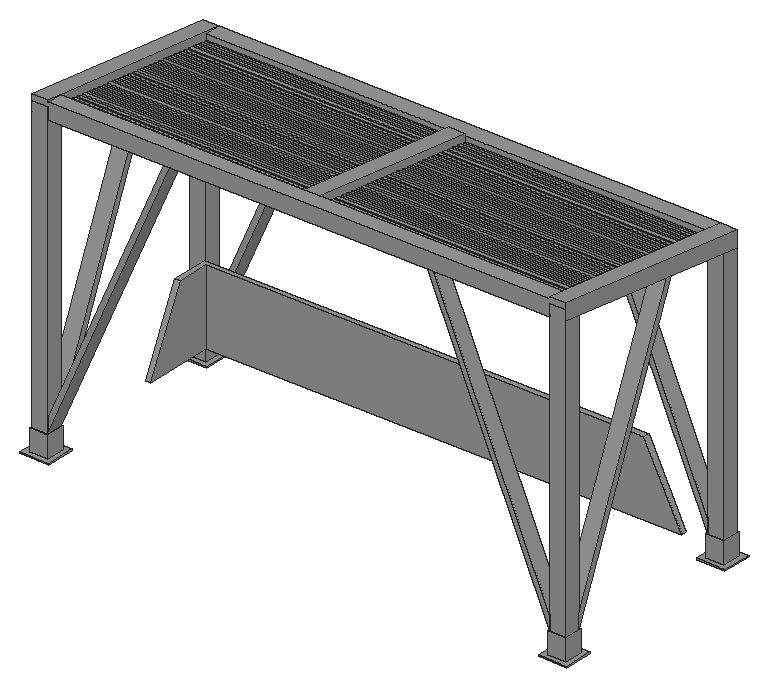
Revit family "Навес теневой тип 5 Арт 12758", category Антураж, Revit 2018
Family settings
  На основе рабочей плоскости = Нет
  Всегда вертикально = Да
  При загрузке вырезать с полостями = Нет
  Источник визуального образа = Геометрия семейства
  Общий = Нет
  Точка расчета площади = Нет
Parameters (values of type "Навес теневой Тип 5. Со стенкой")
  Ширина = 2000 mm  # constant formula
  Цвет отделки = Дерево
  Цвет каркаса = Сталь черная
  Стенка = yes
  Описание = if(Полный комплект, "Навес теневой Тип 5. Комплект со стенкой, скамейкой и урной", if(Стенка, "Навес теневой Тип 5. Комплект со стенкой", "Навес теневой Тип 5"))  # "Навес теневой Тип 5. Комплект со стенкой"
  Материал изделия = "Сталь, дерево"  # constant formula
  Полный комплект = no
  Изображение типоразмера = Навес теневой тип 5 Арт 12758.jpg
  Изготовитель = "ООО «Хоббика»"  # constant formula
  Длина = 5000 mm  # constant formula
  Группа модели = "Навесы и беседки"  # constant formula
  Высота = 2800 mm  # constant formula
  Артикул товара = "Арт. 12758"  # constant formula
  URL = "https://hobbyka.ru/product/naves_tenevoy_tip_5/"
Types (4, lengths in mm): name | Стенка | Описание | Полный комплект
  (no name) | yes | "Навес теневой Тип 5. Комплект со стенкой" | no
  Навес теневой Тип 5. Полный сомплект | no | "Навес теневой Тип 5. Комплект со стенкой, скамейкой и урной" | yes
  Навес теневой Тип 5. Со стенкой | yes | "Навес теневой Тип 5. Комплект со стенкой" | no
  Навес теневой Тип 5 | no | "Навес теневой Тип 5" | no
Reference planes
  plane 1 "По центру (Вперед/Назад)": y = 0
  plane 2: z = 0
  plane 3 "По центру (Влево/Вправо)": x = 0
  plane 4: x = 5000
  plane 5: y = 2000
  plane 6: z = 2800
Dimensions and locks
  "Ширина": plane 5 to plane 1 "По центру (Вперед/Назад)"
  "Длина": plane 3 "По центру (Влево/Вправо)" to plane 4
  "Высота": plane 6 to level
  aligned and locked: level to plane 2
Nested families
  nested 1: "Урна уличная «Радиус-3» Арт 12225" at (4510.568, 957.51, 0), visible <- "Полный комплект", type "Урна уличная «Радиус-3» Арт 12225"
  nested 2: "Навес теневой тип 5 навес" at (0, 0, 0), type "Навес"
  nested 3: "Лавка радиусная" at (3379.497, -4169.202, 0) x (0.8461, 0.533, 0) z (0, 0, 1), visible <- "Полный комплект", type "Лавка радиусная"
  nested 4: "Навес теневой тип 5 стенка" at (210, 1066.509, 0), visible <- "Стенка", type "Навес теневой тип 5 стенка"
  nested 5: "Навес теневой тип 5 стенка" at (210, 1066.509, 0), visible <- "Полный комплект", type "Навес теневой тип 5 стенка"
Definition of nested family "Урна уличная «Радиус-3» Арт 12225"
  Parameters (values of type "Урна уличная «Радиус-3» Арт 12225")
    Ширина = Длина  # 400 mm
    Цвет отделки = none
    Цвет каркаса = none
    Длина = 400 mm  # constant formula
    Height = 894 mm  # constant formula
  Reference planes
    plane 1 "По центру (Вперед/Назад)": y = 0
    plane 2: z = 0
    plane 3 "По центру (Влево/Вправо)": x = 0
    plane 4: z = 894
    plane 5: y = 200
    plane 6: y = -200
    plane 7: x = -200
    plane 8: x = 200
  Forms (mm)
    Extrusion 1, solid, material <- "Цвет каркаса"
      sketch origin (0, 0, 0) x (1, 0, 0) y (0, 1, 0)
        loop
          circle (0, 0) r 80
      from 0 to 10
    Extrusion 2, solid, material <- "Цвет каркаса"
      sketch origin (0, 0, 0) x (1, 0, 0) y (0, 1, 0)
        loop
          circle (0, 0) r 40
      from 0 to 221.295
    Revolve 3, solid, material <- "Цвет каркаса"
      sketch origin (0, 0, 0) x (0, 1, 0) y (0, 0, 1)
        loop
          line (-150, 894) -> (-200, 894) -> (-200, 886.5) -> (-160, 886.5) -> (-160, 228.795) -> (-200, 228.795) -> (-200, 221.295) -> (0, 221.295) -> (0, 228.795) -> (-150, 228.795) -> (-150, 894)
        axis (0, 221.295) -> (0, 894)
      angle from 0 to 360
    Revolve 4, solid, material <- "Цвет каркаса"
      sketch origin (0, 0, 0) x (0, 1, 0) y (0, 0, 1)
        loop
          line (-160, 854.625) -> (-200, 854.625) -> (-200, 824.625) -> (-190, 824.625) -> (-190, 844.625) -> (-160, 844.625) -> (-160, 854.625)
        loop
          line (-160, 254.625) -> (-160, 264.625) -> (-190, 264.625) -> (-190, 284.625) -> (-200, 284.625) -> (-200, 254.625) -> (-160, 254.625)
        axis (0, 854.625) -> (0, 254.625)
      angle from 0 to 360
    Extrusion 5, solid, material <- "Цвет каркаса"
      sketch origin (0, 0, 0) x (1, 0, 0) y (0, 1, 0)
        loop
          line (-189.588, -12.5) -> (-159.511, -12.5)
          arc (-159.511, -12.5) -> (-160, 0) -> (-159.511, 12.5) r 160
          line (-159.511, 12.5) -> (-189.588, 12.5)
          arc (-189.588, 12.5) -> (-190, 0) -> (-189.588, -12.5) r 190
        loop
          arc (189.588, -12.5) -> (190, 0) -> (189.588, 12.5) r 190
          line (189.588, 12.5) -> (159.511, 12.5)
          arc (159.511, 12.5) -> (160, 0) -> (159.511, -12.5) r 160
          line (159.511, -12.5) -> (189.588, -12.5)
      from 264.625 to 844.625
    Extrusion 6, solid, material <- "Цвет каркаса"
      sketch origin (0, 0, 0) x (0, -1, 0) y (1, 0, 0)
        loop
          line (-96.316, -12.5) -> (-66.239, -12.5)
          arc (-66.239, -12.5) -> (-67.408, 0) -> (-66.239, 12.5) r 67.408
          line (-66.239, 12.5) -> (-96.316, 12.5)
          arc (-96.316, 12.5) -> (-97.124, 0) -> (-96.316, -12.5) r 97.124
        loop
          arc (189.588, -12.5) -> (190, 0) -> (189.588, 12.5) r 190
          line (189.588, 12.5) -> (159.511, 12.5)
          arc (159.511, 12.5) -> (160, 0) -> (159.511, -12.5) r 160
          line (159.511, -12.5) -> (189.588, -12.5)
      from 264.625 to 844.625
    Extrusion 7, solid, material <- "Цвет отделки"
      sketch origin (0, 0, 0) x (0.707107, -0.707107, 0) y (0.707107, 0.707107, 0)
        loop
          line (-189.588, -12.5) -> (-159.511, -12.5)
          arc (-159.511, -12.5) -> (-160, 0) -> (-159.511, 12.5) r 160
          line (-159.511, 12.5) -> (-189.588, 12.5)
          arc (-189.588, 12.5) -> (-190, 0) -> (-189.588, -12.5) r 190
        loop
          arc (189.588, -12.5) -> (190, 0) -> (189.588, 12.5) r 190
          line (189.588, 12.5) -> (159.511, 12.5)
          arc (159.511, 12.5) -> (160, 0) -> (159.511, -12.5) r 160
          line (159.511, -12.5) -> (189.588, -12.5)
      from 264.625 to 844.625
    Extrusion 8, solid, material <- "Цвет отделки"
      sketch origin (0, 0, 0) x (-0.707107, -0.707107, 0) y (0.707107, -0.707107, 0)
        loop
          line (-189.588, -12.5) -> (-159.511, -12.5)
          arc (-159.511, -12.5) -> (-160, 0) -> (-159.511, 12.5) r 160
          line (-159.511, 12.5) -> (-189.588, 12.5)
          arc (-189.588, 12.5) -> (-190, 0) -> (-189.588, -12.5) r 190
        loop
          arc (189.588, -12.5) -> (190, 0) -> (189.588, 12.5) r 190
          line (189.588, 12.5) -> (159.511, 12.5)
          arc (159.511, 12.5) -> (160, 0) -> (159.511, -12.5) r 160
          line (159.511, -12.5) -> (189.588, -12.5)
      from 264.625 to 844.625
    Extrusion 9, solid, material <- "Цвет отделки"
      sketch origin (0, 0, 0) x (-0.382683, -0.92388, 0) y (0.92388, -0.382683, 0)
        loop
          line (-189.588, -12.5) -> (-159.511, -12.5)
          arc (-159.511, -12.5) -> (-160, 0) -> (-159.511, 12.5) r 160
          line (-159.511, 12.5) -> (-189.588, 12.5)
          arc (-189.588, 12.5) -> (-190, 0) -> (-189.588, -12.5) r 190
        loop
          arc (189.588, -12.5) -> (190, 0) -> (189.588, 12.5) r 190
          line (189.588, 12.5) -> (159.511, 12.5)
          arc (159.511, 12.5) -> (160, 0) -> (159.511, -12.5) r 160
          line (159.511, -12.5) -> (189.588, -12.5)
      from 264.625 to 844.625
    Extrusion 10, solid, material <- "Цвет отделки"
      sketch origin (0, 0, 0) x (0.382683, -0.92388, 0) y (0.92388, 0.382683, 0)
        loop
          line (-189.588, -12.5) -> (-159.511, -12.5)
          arc (-159.511, -12.5) -> (-160, 0) -> (-159.511, 12.5) r 160
          line (-159.511, 12.5) -> (-189.588, 12.5)
          arc (-189.588, 12.5) -> (-190, 0) -> (-189.588, -12.5) r 190
        loop
          arc (189.588, -12.5) -> (190, 0) -> (189.588, 12.5) r 190
          line (189.588, 12.5) -> (159.511, 12.5)
          arc (159.511, 12.5) -> (160, 0) -> (159.511, -12.5) r 160
          line (159.511, -12.5) -> (189.588, -12.5)
      from 264.625 to 844.625
    Extrusion 11, solid, material <- "Цвет отделки"
      sketch origin (0, 0, 0) x (-0.92388, -0.382683, 0) y (0.382683, -0.92388, 0)
        loop
          line (-189.588, -12.5) -> (-159.511, -12.5)
          arc (-159.511, -12.5) -> (-160, 0) -> (-159.511, 12.5) r 160
          line (-159.511, 12.5) -> (-189.588, 12.5)
          arc (-189.588, 12.5) -> (-190, 0) -> (-189.588, -12.5) r 190
        loop
          arc (189.588, -12.5) -> (190, 0) -> (189.588, 12.5) r 190
          line (189.588, 12.5) -> (159.511, 12.5)
          arc (159.511, 12.5) -> (160, 0) -> (159.511, -12.5) r 160
          line (159.511, -12.5) -> (189.588, -12.5)
      from 264.625 to 844.625
    Extrusion 12, solid, material <- "Цвет отделки"
      sketch origin (0, 0, 0) x (-0.92388, 0.382683, 0) y (-0.382683, -0.92388, 0)
        loop
          arc (-189.588, 12.5) -> (-190, 0) -> (-189.588, -12.5) r 190
          line (-189.588, -12.5) -> (-159.511, -12.5)
          arc (-159.511, -12.5) -> (-160, 0) -> (-159.511, 12.5) r 160
          line (-159.511, 12.5) -> (-189.588, 12.5)
        loop
          line (189.588, 12.5) -> (159.511, 12.5)
          arc (159.511, 12.5) -> (160, 0) -> (159.511, -12.5) r 160
          line (159.511, -12.5) -> (189.588, -12.5)
          arc (189.588, -12.5) -> (190, 0) -> (189.588, 12.5) r 190
      from 264.625 to 844.625
    Extrusion 13, solid, material <- "Цвет отделки"
      sketch origin (0, 0, 0) x (0.980785, -0.19509, 0) y (0.19509, 0.980785, 0)
        loop
          line (-189.588, -12.5) -> (-159.511, -12.5)
          arc (-159.511, -12.5) -> (-160, 0) -> (-159.511, 12.5) r 160
          line (-159.511, 12.5) -> (-189.588, 12.5)
          arc (-189.588, 12.5) -> (-190, 0) -> (-189.588, -12.5) r 190
        loop
          arc (189.588, -12.5) -> (190, 0) -> (189.588, 12.5) r 190
          line (189.588, 12.5) -> (159.511, 12.5)
          arc (159.511, 12.5) -> (160, 0) -> (159.511, -12.5) r 160
          line (159.511, -12.5) -> (189.588, -12.5)
      from 264.625 to 844.625
    Extrusion 14, solid, material <- "Цвет отделки"
      sketch origin (0, 0, 0) x (-0.19509, -0.980785, 0) y (0.980785, -0.19509, 0)
        loop
          line (-189.588, -12.5) -> (-159.511, -12.5)
          arc (-159.511, -12.5) -> (-160, 0) -> (-159.511, 12.5) r 160
          line (-159.511, 12.5) -> (-189.588, 12.5)
          arc (-189.588, 12.5) -> (-190, 0) -> (-189.588, -12.5) r 190
        loop
          arc (189.588, -12.5) -> (190, 0) -> (189.588, 12.5) r 190
          line (189.588, 12.5) -> (159.511, 12.5)
          arc (159.511, 12.5) -> (160, 0) -> (159.511, -12.5) r 160
          line (159.511, -12.5) -> (189.588, -12.5)
      from 264.625 to 844.625
    Extrusion 15, solid, material <- "Цвет отделки"
      sketch origin (0, 0, 0) x (0.55557, -0.83147, 0) y (0.83147, 0.55557, 0)
        loop
          line (-189.588, -12.5) -> (-159.511, -12.5)
          arc (-159.511, -12.5) -> (-160, 0) -> (-159.511, 12.5) r 160
          line (-159.511, 12.5) -> (-189.588, 12.5)
          arc (-189.588, 12.5) -> (-190, 0) -> (-189.588, -12.5) r 190
        loop
          arc (189.588, -12.5) -> (190, 0) -> (189.588, 12.5) r 190
          line (189.588, 12.5) -> (159.511, 12.5)
          arc (159.511, 12.5) -> (160, 0) -> (159.511, -12.5) r 160
          line (159.511, -12.5) -> (189.588, -12.5)
      from 264.625 to 844.625
    Extrusion 16, solid, material <- "Цвет отделки"
      sketch origin (0, 0, 0) x (-0.83147, -0.55557, 0) y (0.55557, -0.83147, 0)
        loop
          line (-189.588, -12.5) -> (-159.511, -12.5)
          arc (-159.511, -12.5) -> (-160, 0) -> (-159.511, 12.5) r 160
          line (-159.511, 12.5) -> (-189.588, 12.5)
          arc (-189.588, 12.5) -> (-190, 0) -> (-189.588, -12.5) r 190
        loop
          arc (189.588, -12.5) -> (190, 0) -> (189.588, 12.5) r 190
          line (189.588, 12.5) -> (159.511, 12.5)
          arc (159.511, 12.5) -> (160, 0) -> (159.511, -12.5) r 160
          line (159.511, -12.5) -> (189.588, -12.5)
      from 264.625 to 844.625
    Extrusion 17, solid, material <- "Цвет отделки"
      sketch origin (0, 0, 0) x (-0.55557, -0.83147, 0) y (0.83147, -0.55557, 0)
        loop
          line (-189.588, -12.5) -> (-159.511, -12.5)
          arc (-159.511, -12.5) -> (-160, 0) -> (-159.511, 12.5) r 160
          line (-159.511, 12.5) -> (-189.588, 12.5)
          arc (-189.588, 12.5) -> (-190, 0) -> (-189.588, -12.5) r 190
        loop
          arc (189.588, -12.5) -> (190, 0) -> (189.588, 12.5) r 190
          line (189.588, 12.5) -> (159.511, 12.5)
          arc (159.511, 12.5) -> (160, 0) -> (159.511, -12.5) r 160
          line (159.511, -12.5) -> (189.588, -12.5)
      from 264.625 to 844.625
    Extrusion 18, solid, material <- "Цвет отделки"
      sketch origin (0, 0, 0) x (0.19509, -0.980785, 0) y (0.980785, 0.19509, 0)
        loop
          line (-189.588, -12.5) -> (-159.511, -12.5)
          arc (-159.511, -12.5) -> (-160, 0) -> (-159.511, 12.5) r 160
          line (-159.511, 12.5) -> (-189.588, 12.5)
          arc (-189.588, 12.5) -> (-190, 0) -> (-189.588, -12.5) r 190
        loop
          arc (189.588, -12.5) -> (190, 0) -> (189.588, 12.5) r 190
          line (189.588, 12.5) -> (159.511, 12.5)
          arc (159.511, 12.5) -> (160, 0) -> (159.511, -12.5) r 160
          line (159.511, -12.5) -> (189.588, -12.5)
      from 264.625 to 844.625
    Extrusion 19, solid, material <- "Цвет отделки"
      sketch origin (0, 0, 0) x (-0.980785, -0.19509, 0) y (0.19509, -0.980785, 0)
        loop
          line (-189.588, -12.5) -> (-159.511, -12.5)
          arc (-159.511, -12.5) -> (-160, 0) -> (-159.511, 12.5) r 160
          line (-159.511, 12.5) -> (-189.588, 12.5)
          arc (-189.588, 12.5) -> (-190, 0) -> (-189.588, -12.5) r 190
        loop
          arc (189.588, -12.5) -> (190, 0) -> (189.588, 12.5) r 190
          line (189.588, 12.5) -> (159.511, 12.5)
          arc (159.511, 12.5) -> (160, 0) -> (159.511, -12.5) r 160
          line (159.511, -12.5) -> (189.588, -12.5)
      from 264.625 to 844.625
    Extrusion 20, solid, material <- "Цвет отделки"
      sketch origin (0, 0, 0) x (-0.83147, 0.55557, 0) y (-0.55557, -0.83147, 0)
        loop
          arc (-189.588, 12.5) -> (-190, 0) -> (-189.588, -12.5) r 190
          line (-189.588, -12.5) -> (-159.511, -12.5)
          arc (-159.511, -12.5) -> (-160, 0) -> (-159.511, 12.5) r 160
          line (-159.511, 12.5) -> (-189.588, 12.5)
        loop
          line (189.588, 12.5) -> (159.511, 12.5)
          arc (159.511, 12.5) -> (160, 0) -> (159.511, -12.5) r 160
          line (159.511, -12.5) -> (189.588, -12.5)
          arc (189.588, -12.5) -> (190, 0) -> (189.588, 12.5) r 190
      from 264.625 to 844.625
  Dimensions and locks
    "Height": plane 4 to level
    equal spacing: plane 7, plane 3 "По центру (Влево/Вправо)", plane 8
    equal spacing: plane 6, plane 1 "По центру (Вперед/Назад)", plane 5
    "Длина": plane 7 to plane 8
    "Ширина": plane 6 to plane 5
    aligned and locked: level to plane 2
  Automatic sketch dimensions
    plane 1 "По центру (Вперед/Назад)" to Extrusion 1 sketch curve = 0 mm
    Extrusion 1 sketch curve to plane 3 "По центру (Влево/Вправо)" = 0 mm
    plane 1 "По центру (Вперед/Назад)" to Extrusion 2 sketch curve = 0 mm
    Extrusion 2 sketch curve to plane 3 "По центру (Влево/Вправо)" = 0 mm
    Revolve 3 sketch curve to plane 4 = 0 mm
    Revolve 3 sketch curve to plane 1 "По центру (Вперед/Назад)" = 0 mm  (x2)
    plane 1 "По центру (Вперед/Назад)" to Revolve 3 sketch curve = 150 mm
    Revolve 3 sketch curve to Revolve 3 sketch curve = 10 mm
    Revolve 3 sketch curve to Revolve 3 sketch curve = 40 mm  (x2)
    Revolve 3 sketch curve to plane 4 = 7.5 mm
    level to Revolve 3 sketch curve = 228.795 mm
    Revolve 3 sketch curve to Revolve 3 sketch curve = 0 mm
    Revolve 3 sketch curve to Revolve 3 sketch curve = 7.5 mm
    level to Revolve 3 sketch curve = 10 mm
    plane 4 to Revolve 3 sketch curve = 10 mm
    Revolve 4 sketch curve to plane 1 "По центру (Вперед/Назад)" = 0 mm
    plane 1 "По центру (Вперед/Назад)" to Revolve 4 sketch curve = 160 mm  (x2)
    Revolve 4 sketch curve to plane 4 = 39.375 mm
    Revolve 4 sketch curve to Revolve 4 sketch curve = 30 mm  (x2)
    Revolve 4 sketch curve to Revolve 4 sketch curve = 10 mm  (x4)
    Revolve 4 sketch curve to Revolve 4 sketch curve = 20 mm  (x2)
    level to Revolve 4 sketch curve = 284.625 mm
    Revolve 4 sketch curve to level = 100.375 mm
    plane 4 to Revolve 4 sketch curve = 145.625 mm
    Extrusion 5 sketch curve to Extrusion 5 sketch curve = 0 mm  (x12)
    plane 1 "По центру (Вперед/Назад)" to Extrusion 5 sketch curve = 0 mm
    Extrusion 5 sketch curve to plane 3 "По центру (Влево/Вправо)" = 0 mm
    plane 1 "По центру (Вперед/Назад)" to Extrusion 5 sketch curve = 12.5 mm  (x2)
    Extrusion 5 sketch curve to plane 3 "По центру (Влево/Вправо)" = 159.511 mm
    Extrusion 5 sketch curve to plane 1 "По центру (Вперед/Назад)" = 12.5 mm  (x2)
    Extrusion 5 sketch curve to Extrusion 5 sketch curve = 30.077 mm  (x2)
    plane 3 "По центру (Влево/Вправо)" to Extrusion 5 sketch curve = 159.511 mm
    Extrusion 6 sketch curve to Extrusion 6 sketch curve = 0 mm  (x12)
    plane 1 "По центру (Вперед/Назад)" to Extrusion 6 sketch curve = 0 mm
    Extrusion 6 sketch curve to plane 3 "По центру (Влево/Вправо)" = 0 mm
    Extrusion 6 sketch curve to plane 3 "По центру (Влево/Вправо)" = 12.5 mm  (x2)
    plane 5 to Extrusion 6 sketch curve = 133.761 mm
    plane 3 "По центру (Влево/Вправо)" to Extrusion 6 sketch curve = 12.5 mm  (x2)
    Extrusion 6 sketch curve to Extrusion 6 sketch curve = 30.077 mm  (x2)
    plane 1 "По центру (Вперед/Назад)" to Extrusion 6 sketch curve = 159.511 mm
    Extrusion 7 sketch curve to Extrusion 7 sketch curve = 0 mm  (x14)
    plane 1 "По центру (Вперед/Назад)" to Extrusion 7 sketch curve = 0 mm
    Extrusion 7 sketch curve to plane 3 "По центру (Влево/Вправо)" = 0 mm
    Extrusion 7 sketch curve to Extrusion 7 sketch curve = 159.511 mm  (x2)
    Extrusion 7 sketch curve to Extrusion 7 sketch curve = 30.077 mm  (x2)
    Extrusion 7 sketch curve to Extrusion 7 sketch curve = 12.5 mm  (x2)
    Extrusion 8 sketch curve to Extrusion 8 sketch curve = 0 mm  (x14)
    plane 1 "По центру (Вперед/Назад)" to Extrusion 8 sketch curve = 0 mm
    Extrusion 8 sketch curve to plane 3 "По центру (Влево/Вправо)" = 0 mm
    Extrusion 8 sketch curve to Extrusion 8 sketch curve = 159.511 mm  (x2)
    Extrusion 8 sketch curve to Extrusion 8 sketch curve = 30.077 mm  (x2)
    Extrusion 8 sketch curve to Extrusion 8 sketch curve = 12.5 mm  (x2)
    Extrusion 9 sketch curve to Extrusion 9 sketch curve = 0 mm  (x14)
    plane 1 "По центру (Вперед/Назад)" to Extrusion 9 sketch curve = 0 mm
    Extrusion 9 sketch curve to plane 3 "По центру (Влево/Вправо)" = 0 mm
    Extrusion 9 sketch curve to Extrusion 9 sketch curve = 159.511 mm  (x2)
    Extrusion 9 sketch curve to Extrusion 9 sketch curve = 30.077 mm  (x2)
    Extrusion 9 sketch curve to Extrusion 9 sketch curve = 12.5 mm  (x2)
    Extrusion 10 sketch curve to Extrusion 10 sketch curve = 0 mm  (x14)
    plane 1 "По центру (Вперед/Назад)" to Extrusion 10 sketch curve = 0 mm
    Extrusion 10 sketch curve to plane 3 "По центру (Влево/Вправо)" = 0 mm
    Extrusion 10 sketch curve to Extrusion 10 sketch curve = 159.511 mm  (x2)
    Extrusion 10 sketch curve to Extrusion 10 sketch curve = 30.077 mm  (x2)
    Extrusion 10 sketch curve to Extrusion 10 sketch curve = 12.5 mm  (x2)
    Extrusion 11 sketch curve to Extrusion 11 sketch curve = 0 mm  (x14)
    plane 1 "По центру (Вперед/Назад)" to Extrusion 11 sketch curve = 0 mm
    Extrusion 11 sketch curve to plane 3 "По центру (Влево/Вправо)" = 0 mm
    Extrusion 11 sketch curve to Extrusion 11 sketch curve = 159.511 mm  (x2)
    Extrusion 11 sketch curve to Extrusion 11 sketch curve = 30.077 mm  (x2)
    Extrusion 11 sketch curve to Extrusion 11 sketch curve = 12.5 mm  (x2)
    Extrusion 12 sketch curve to Extrusion 12 sketch curve = 0 mm  (x14)
    plane 1 "По центру (Вперед/Назад)" to Extrusion 12 sketch curve = 0 mm
    Extrusion 12 sketch curve to plane 3 "По центру (Влево/Вправо)" = 0 mm
    Extrusion 12 sketch curve to Extrusion 12 sketch curve = 159.511 mm  (x2)
    Extrusion 12 sketch curve to Extrusion 12 sketch curve = 30.077 mm  (x2)
    Extrusion 12 sketch curve to Extrusion 12 sketch curve = 12.5 mm  (x2)
    Extrusion 13 sketch curve to Extrusion 13 sketch curve = 0 mm  (x14)
    plane 1 "По центру (Вперед/Назад)" to Extrusion 13 sketch curve = 0 mm
    Extrusion 13 sketch curve to plane 3 "По центру (Влево/Вправо)" = 0 mm
    Extrusion 13 sketch curve to Extrusion 13 sketch curve = 159.511 mm  (x2)
    Extrusion 13 sketch curve to Extrusion 13 sketch curve = 30.077 mm  (x2)
    Extrusion 13 sketch curve to Extrusion 13 sketch curve = 12.5 mm  (x2)
    Extrusion 14 sketch curve to Extrusion 14 sketch curve = 0 mm  (x14)
    plane 1 "По центру (Вперед/Назад)" to Extrusion 14 sketch curve = 0 mm
    Extrusion 14 sketch curve to plane 3 "По центру (Влево/Вправо)" = 0 mm
    Extrusion 14 sketch curve to Extrusion 14 sketch curve = 159.511 mm  (x2)
    Extrusion 14 sketch curve to Extrusion 14 sketch curve = 30.077 mm  (x2)
    Extrusion 14 sketch curve to Extrusion 14 sketch curve = 12.5 mm  (x2)
    Extrusion 15 sketch curve to Extrusion 15 sketch curve = 0 mm  (x14)
    plane 1 "По центру (Вперед/Назад)" to Extrusion 15 sketch curve = 0 mm
    Extrusion 15 sketch curve to plane 3 "По центру (Влево/Вправо)" = 0 mm
    Extrusion 15 sketch curve to Extrusion 15 sketch curve = 159.511 mm  (x2)
    Extrusion 15 sketch curve to Extrusion 15 sketch curve = 30.077 mm  (x2)
    Extrusion 15 sketch curve to Extrusion 15 sketch curve = 12.5 mm  (x2)
    Extrusion 16 sketch curve to Extrusion 16 sketch curve = 0 mm  (x14)
    plane 1 "По центру (Вперед/Назад)" to Extrusion 16 sketch curve = 0 mm
    Extrusion 16 sketch curve to plane 3 "По центру (Влево/Вправо)" = 0 mm
    Extrusion 16 sketch curve to Extrusion 16 sketch curve = 159.511 mm  (x2)
    Extrusion 16 sketch curve to Extrusion 16 sketch curve = 30.077 mm  (x2)
    Extrusion 16 sketch curve to Extrusion 16 sketch curve = 12.5 mm  (x2)
    Extrusion 17 sketch curve to Extrusion 17 sketch curve = 0 mm  (x14)
    plane 1 "По центру (Вперед/Назад)" to Extrusion 17 sketch curve = 0 mm
    Extrusion 17 sketch curve to plane 3 "По центру (Влево/Вправо)" = 0 mm
    Extrusion 17 sketch curve to Extrusion 17 sketch curve = 159.511 mm  (x2)
    Extrusion 17 sketch curve to Extrusion 17 sketch curve = 30.077 mm  (x2)
    Extrusion 17 sketch curve to Extrusion 17 sketch curve = 12.5 mm  (x2)
    Extrusion 18 sketch curve to Extrusion 18 sketch curve = 0 mm  (x14)
    plane 1 "По центру (Вперед/Назад)" to Extrusion 18 sketch curve = 0 mm
    Extrusion 18 sketch curve to plane 3 "По центру (Влево/Вправо)" = 0 mm
    Extrusion 18 sketch curve to Extrusion 18 sketch curve = 159.511 mm  (x2)
    Extrusion 18 sketch curve to Extrusion 18 sketch curve = 30.077 mm  (x2)
    Extrusion 18 sketch curve to Extrusion 18 sketch curve = 12.5 mm  (x2)
    Extrusion 19 sketch curve to Extrusion 19 sketch curve = 0 mm  (x14)
    plane 1 "По центру (Вперед/Назад)" to Extrusion 19 sketch curve = 0 mm
    Extrusion 19 sketch curve to plane 3 "По центру (Влево/Вправо)" = 0 mm
    Extrusion 19 sketch curve to Extrusion 19 sketch curve = 159.511 mm  (x2)
    Extrusion 19 sketch curve to Extrusion 19 sketch curve = 30.077 mm  (x2)
    Extrusion 19 sketch curve to Extrusion 19 sketch curve = 12.5 mm  (x2)
    Extrusion 20 sketch curve to Extrusion 20 sketch curve = 0 mm  (x14)
    plane 1 "По центру (Вперед/Назад)" to Extrusion 20 sketch curve = 0 mm
    Extrusion 20 sketch curve to plane 3 "По центру (Влево/Вправо)" = 0 mm
    Extrusion 20 sketch curve to Extrusion 20 sketch curve = 159.511 mm  (x2)
    Extrusion 20 sketch curve to Extrusion 20 sketch curve = 30.077 mm  (x2)
    Extrusion 20 sketch curve to Extrusion 20 sketch curve = 12.5 mm  (x2)
    radius of Extrusion 1 sketch curve = 80 mm
    radius of Extrusion 2 sketch curve = 40 mm
Definition of nested family "Навес теневой тип 5 навес"
  Parameters (values of type "Навес")
    Ширина = 2000 mm  # constant formula
    Цвет каркаса = none
    Длина = 5000 mm  # constant formula
    Height = 2800 mm  # constant formula
  Reference planes
    plane 1 "По центру (Вперед/Назад)": y = 0
    plane 2: z = 0
    plane 3 "По центру (Влево/Вправо)": x = 0
    plane 4: x = 5000
    plane 5: y = 2000
    plane 6: z = 2800
  Forms (mm)
    Extrusion 1, solid, material <- "Цвет каркаса"
      sketch origin (0, 0, 0) x (1, 0, 0) y (0, 1, 0)
        loop
          line (0, 0) -> (150, 0) -> (150, 150) -> (0, 150) -> (0, 0)
        loop
          line (5000, 0) -> (5000, 150) -> (4850, 150) -> (4850, 0) -> (5000, 0)
      from -200 to 2741.474
    Extrusion 2, solid, material <- "Цвет каркаса"
      sketch origin (0, 1850, 0) x (1, 0, 0) y (0, 1, 0)
        loop
          line (0, 0) -> (150, 0) -> (150, 150) -> (0, 150) -> (0, 0)
        loop
          line (5000, 0) -> (5000, 150) -> (4850, 150) -> (4850, 0) -> (5000, 0)
      from -200 to 2475.288
    Extrusion 3, solid
      sketch origin (0, 0, 0) x (1, 0, 0) y (0, 1, 0)
        loop
          line (0, 2000) -> (0, 1850) -> (150, 1850) -> (150, 2000) -> (0, 2000)
        loop
          line (-10, 2010) -> (-10, 1840) -> (160, 1840) -> (160, 2010) -> (-10, 2010)
        loop
          line (4850, 2000) -> (4850, 1850) -> (5000, 1850) -> (5000, 2000) -> (4850, 2000)
        loop
          line (4840, 2010) -> (4840, 1840) -> (5010, 1840) -> (5010, 2010) -> (4840, 2010)
        loop
          line (0, 150) -> (0, 0) -> (150, 0) -> (150, 150) -> (0, 150)
        loop
          line (-10, 160) -> (-10, -10) -> (160, -10) -> (160, 160) -> (-10, 160)
        loop
          line (4850, 150) -> (4850, 0) -> (5000, 0) -> (5000, 150) -> (4850, 150)
        loop
          line (4840, 160) -> (4840, -10) -> (5010, -10) -> (5010, 160) -> (4840, 160)
      from -200 to 0
    Extrusion 4, solid
      sketch origin (0, 0, 0) x (1, 0, 0) y (0, 1, 0)
        loop
          line (-60, 2060) -> (-60, 1790) -> (210, 1790) -> (210, 2060) -> (-60, 2060)
        loop
          line (4790, 2060) -> (4790, 1790) -> (5060, 1790) -> (5060, 2060) -> (4790, 2060)
        loop
          line (4790, 210) -> (4790, -60) -> (5060, -60) -> (5060, 210) -> (4790, 210)
        loop
          line (-60, 210) -> (-60, -60) -> (210, -60) -> (210, 210) -> (-60, 210)
      from -210 to -200
    Extrusion 5, solid, material <- "Цвет каркаса"
      sketch origin (0, 0, 0) x (0, 1, 0) y (0, 0, 1)
        loop
          line (2000, 2540) -> (0, 2800) -> (0, 2648.738) -> (2000, 2388.738) -> (2000, 2540)
      from 0 to 150
    Extrusion 6, solid, material <- "Цвет каркаса"
      sketch origin (0, 0, 0) x (0, 1, 0) y (0, 0, 1)
        loop
          line (2000, 2540) -> (0, 2800) -> (0, 2648.738) -> (2000, 2388.738) -> (2000, 2540)
      from 4850 to 5000
    Extrusion 7, solid, material <- "Цвет каркаса"
      sketch origin (0, 0, 0) x (0, 1, 0) y (0, 0, 1)
        loop
          line (2000, 2540) -> (1850, 2540) -> (1850, 2390) -> (2000, 2390) -> (2000, 2540)
        loop
          line (0, 2780.5) -> (0, 2630.5) -> (150, 2630.5) -> (150, 2780.5) -> (0, 2780.5)
      from 150 to 4850
    Extrusion 8, solid, material <- "Цвет каркаса"
      sketch origin (0, 0, 0) x (0, 1, 0) y (0, 0, 1)
        loop
          line (1850, 2559.5) -> (150, 2780.5) -> (150, 2629.238) -> (1850, 2408.238) -> (1850, 2559.5)
      from 2425 to 2575
    Extrusion 9, solid, material <- "Цвет каркаса"
      sketch origin (0, 0, 0) x (0, 1, 0) y (0, 0, 1)
        loop
          line (1232.242, 2488.546) -> (1180.636, 2495.255) -> (150, 125.374) -> (150, 0) -> (1232.242, 2488.546)
      from 0 to 150
    Extrusion 10, solid, material <- "Цвет каркаса"
      sketch origin (0, 0, 0) x (0, 1, 0) y (0, 0, 1)
        loop
          line (1232.242, 2488.546) -> (1180.636, 2495.255) -> (150, 125.374) -> (150, 0) -> (1232.242, 2488.546)
      from 4850 to 5000
    Extrusion 11, solid, material <- "Цвет каркаса"
      sketch origin (0, 150, 0) x (1, 0, 0) y (0, 0, 1)
        loop
          line (1293.976, 2630.5) -> (1239.452, 2630.5) -> (150, 125.374) -> (150, 0) -> (1293.976, 2630.5)
      from 0 to 150
    Extrusion 12, solid, material <- "Цвет каркаса"
      sketch origin (5000, 150, 0) x (-1, 0, 0) y (0, 0, -1)
        loop
          line (1293.976, -2630.5) -> (150, 0) -> (150, -125.374) -> (1239.452, -2630.5) -> (1293.976, -2630.5)
      from 0 to 150
    Extrusion 13, solid, material <- "Цвет каркаса"
      sketch origin (0, 150, 0) x (1, 0, 0) y (0, 0, 1)
        loop
          line (1189.385, 2390) -> (1134.861, 2390) -> (150, 125.374) -> (150, 0) -> (1189.385, 2390)
      from -1850 to -1700
    Extrusion 14, solid, material <- "Цвет каркаса"
      sketch origin (5000, 150, 0) x (-1, 0, 0) y (0, 0, -1)
        loop
          line (1189.385, -2390) -> (150, 0) -> (150, -125.374) -> (1134.861, -2390) -> (1189.385, -2390)
      from -1850 to -1700
    Extrusion 15, solid, material <- "Цвет каркаса"
      sketch origin (0, 0, 0) x (0, 1, 0) y (0, 0, 1)
        loop
          line (1850, 2493.953) -> (1820, 2497.853) -> (1820, 2477.685) -> (1850, 2473.785) -> (1850, 2493.953)
        loop
          line (1790.501, 2501.688) -> (1760.501, 2505.588) -> (1760.501, 2485.42) -> (1790.501, 2481.52) -> (1790.501, 2501.688)
        loop
          line (1731.001, 2509.423) -> (1701.001, 2513.323) -> (1701.001, 2493.155) -> (1731.001, 2489.255) -> (1731.001, 2509.423)
        loop
          line (1671.502, 2517.158) -> (1641.502, 2521.058) -> (1641.502, 2500.89) -> (1671.502, 2496.99) -> (1671.502, 2517.158)
        loop
          line (1612.003, 2524.893) -> (1582.003, 2528.793) -> (1582.003, 2508.624) -> (1612.003, 2504.724) -> (1612.003, 2524.893)
        loop
          line (1552.503, 2532.628) -> (1522.503, 2536.528) -> (1522.503, 2516.359) -> (1552.503, 2512.459) -> (1552.503, 2532.628)
        loop
          line (1493.004, 2540.363) -> (1463.004, 2544.263) -> (1463.004, 2524.094) -> (1493.004, 2520.194) -> (1493.004, 2540.363)
        loop
          line (1433.505, 2548.097) -> (1403.505, 2551.997) -> (1403.505, 2531.829) -> (1433.505, 2527.929) -> (1433.505, 2548.097)
        loop
          line (1374.005, 2555.832) -> (1344.005, 2559.732) -> (1344.005, 2539.564) -> (1374.005, 2535.664) -> (1374.005, 2555.832)
        loop
          line (1314.506, 2563.567) -> (1284.506, 2567.467) -> (1284.506, 2547.299) -> (1314.506, 2543.399) -> (1314.506, 2563.567)
        loop
          line (1255.007, 2571.302) -> (1225.007, 2575.202) -> (1225.007, 2555.034) -> (1255.007, 2551.134) -> (1255.007, 2571.302)
        loop
          line (1195.507, 2579.037) -> (1165.507, 2582.937) -> (1165.507, 2562.769) -> (1195.507, 2558.869) -> (1195.507, 2579.037)
        loop
          line (1136.008, 2586.772) -> (1106.008, 2590.672) -> (1106.008, 2570.504) -> (1136.008, 2566.604) -> (1136.008, 2586.772)
        loop
          line (1076.509, 2594.507) -> (1046.509, 2598.407) -> (1046.509, 2578.239) -> (1076.509, 2574.339) -> (1076.509, 2594.507)
        loop
          line (1017.009, 2602.242) -> (987.009, 2606.142) -> (987.009, 2585.974) -> (1017.009, 2582.074) -> (1017.009, 2602.242)
        loop
          line (957.51, 2609.977) -> (927.51, 2613.877) -> (927.51, 2593.708) -> (957.51, 2589.808) -> (957.51, 2609.977)
        loop
          line (898.011, 2617.712) -> (868.011, 2621.612) -> (868.011, 2601.443) -> (898.011, 2597.543) -> (898.011, 2617.712)
        loop
          line (838.511, 2625.447) -> (808.511, 2629.347) -> (808.511, 2609.178) -> (838.511, 2605.278) -> (838.511, 2625.447)
        loop
          line (779.012, 2633.181) -> (749.012, 2637.081) -> (749.012, 2616.913) -> (779.012, 2613.013) -> (779.012, 2633.181)
        loop
          line (719.513, 2640.916) -> (689.513, 2644.816) -> (689.513, 2624.648) -> (719.513, 2620.748) -> (719.513, 2640.916)
        loop
          line (660.013, 2648.651) -> (630.013, 2652.551) -> (630.013, 2632.383) -> (660.013, 2628.483) -> (660.013, 2648.651)
        loop
          line (600.514, 2656.386) -> (570.514, 2660.286) -> (570.514, 2640.118) -> (600.514, 2636.218) -> (600.514, 2656.386)
        loop
          line (541.015, 2664.121) -> (511.015, 2668.021) -> (511.015, 2647.853) -> (541.015, 2643.953) -> (541.015, 2664.121)
        loop
          line (481.515, 2671.856) -> (451.515, 2675.756) -> (451.515, 2655.588) -> (481.515, 2651.688) -> (481.515, 2671.856)
        loop
          line (422.016, 2679.591) -> (392.016, 2683.491) -> (392.016, 2663.323) -> (422.016, 2659.423) -> (422.016, 2679.591)
        loop
          line (362.517, 2687.326) -> (332.517, 2691.226) -> (332.517, 2671.058) -> (362.517, 2667.158) -> (362.517, 2687.326)
        loop
          line (303.017, 2695.061) -> (273.017, 2698.961) -> (273.017, 2678.793) -> (303.017, 2674.893) -> (303.017, 2695.061)
        loop
          line (243.518, 2702.796) -> (213.518, 2706.696) -> (213.518, 2686.527) -> (243.518, 2682.627) -> (243.518, 2702.796)
        loop
          line (184.019, 2710.531) -> (154.019, 2714.431) -> (154.019, 2694.262) -> (184.019, 2690.362) -> (184.019, 2710.531)
      from 150 to 4850
  Cuts and joins
    joined: Extrusion 5, Extrusion 6, Extrusion 7, Extrusion 8
  Lines and regions (mm)
    symbolic lines
      curve 1: line (75, 0, 0) -> (75, 340, 0)
      curve 2: line (0, 75, 0) -> (400, 75, 0)
  Dimensions and locks
    "Длина": plane 3 "По центру (Влево/Вправо)" to plane 4
    "Ширина": plane 5 to plane 1 "По центру (Вперед/Назад)"
    "Height": plane 6 to level
    aligned and locked: level to plane 2
  Automatic sketch dimensions
    curve 2 to plane 3 "По центру (Влево/Вправо)" = 0 mm
    plane 1 "По центру (Вперед/Назад)" to curve 1 = 0 mm
    plane 3 "По центру (Влево/Вправо)" to curve 1 = 75 mm
    curve 2 to plane 1 "По центру (Вперед/Назад)" = 75 mm
    curve 1 to curve 2 = 325 mm
    curve 2 to curve 1 = 265 mm
    Extrusion 1 sketch curve to plane 3 "По центру (Влево/Вправо)" = 0 mm
    plane 1 "По центру (Вперед/Назад)" to Extrusion 1 sketch curve = 0 mm  (x2)
    Extrusion 1 sketch curve to plane 4 = 0 mm
    plane 3 "По центру (Влево/Вправо)" to Extrusion 1 sketch curve = 150 mm
    Extrusion 1 sketch curve to Extrusion 1 sketch curve = 150 mm
    Extrusion 1 sketch curve to plane 1 "По центру (Вперед/Назад)" = 150 mm  (x2)
    Extrusion 2 sketch curve to plane 3 "По центру (Влево/Вправо)" = 0 mm
    Extrusion 2 sketch curve to plane 5 = 0 mm  (x2)
    Extrusion 2 sketch curve to plane 4 = 0 mm
    Extrusion 2 sketch curve to Extrusion 2 sketch curve = 150 mm  (x2)
    Extrusion 2 sketch curve to plane 5 = 150 mm  (x2)
    plane 1 "По центру (Вперед/Назад)" to Extrusion 3 sketch curve = 0 mm  (x2)
    Extrusion 3 sketch curve to plane 3 "По центру (Влево/Вправо)" = 0 mm  (x2)
    Extrusion 3 sketch curve to plane 5 = 0 mm  (x2)
    Extrusion 3 sketch curve to plane 4 = 0 mm  (x2)
    Extrusion 3 sketch curve to plane 3 "По центру (Влево/Вправо)" = 10 mm  (x2)
    plane 3 "По центру (Влево/Вправо)" to Extrusion 3 sketch curve = 150 mm
    Extrusion 3 sketch curve to Extrusion 3 sketch curve = 150 mm
    Extrusion 3 sketch curve to Extrusion 3 sketch curve = 10 mm  (x8)
    Extrusion 3 sketch curve to plane 4 = 160 mm  (x2)
    plane 4 to Extrusion 3 sketch curve = 10 mm  (x2)
    plane 1 "По центру (Вперед/Назад)" to Extrusion 3 sketch curve = 10 mm  (x2)
    Extrusion 3 sketch curve to plane 1 "По центру (Вперед/Назад)" = 150 mm  (x2)
    Extrusion 3 sketch curve to plane 5 = 160 mm  (x2)
    plane 5 to Extrusion 3 sketch curve = 10 mm  (x2)
    Extrusion 4 sketch curve to plane 3 "По центру (Влево/Вправо)" = 60 mm  (x2)
    plane 5 to Extrusion 4 sketch curve = 60 mm  (x2)
    plane 3 "По центру (Влево/Вправо)" to Extrusion 4 sketch curve = 210 mm  (x2)
    plane 1 "По центру (Вперед/Назад)" to Extrusion 4 sketch curve = 60 mm  (x2)
    Extrusion 4 sketch curve to plane 4 = 210 mm  (x2)
    plane 4 to Extrusion 4 sketch curve = 60 mm  (x2)
    Extrusion 4 sketch curve to plane 1 "По центру (Вперед/Назад)" = 210 mm  (x2)
    Extrusion 4 sketch curve to plane 5 = 210 mm  (x2)
    Extrusion 5 sketch curve to plane 1 "По центру (Вперед/Назад)" = 0 mm
    Extrusion 5 sketch curve to plane 5 = 0 mm
    Extrusion 5 sketch curve to plane 6 = 0 mm
    Extrusion 5 sketch curve to plane 6 = 151.262 mm
    Extrusion 5 sketch curve to plane 6 = 260 mm
    Extrusion 5 sketch curve to Extrusion 5 sketch curve = 151.262 mm
    Extrusion 6 sketch curve to plane 1 "По центру (Вперед/Назад)" = 0 mm
    Extrusion 6 sketch curve to plane 5 = 0 mm
    Extrusion 6 sketch curve to plane 6 = 0 mm
    Extrusion 6 sketch curve to plane 6 = 151.262 mm
    Extrusion 6 sketch curve to plane 6 = 260 mm
    Extrusion 6 sketch curve to Extrusion 6 sketch curve = 151.262 mm
    Extrusion 7 sketch curve to plane 1 "По центру (Вперед/Назад)" = 0 mm
    Extrusion 7 sketch curve to plane 5 = 0 mm
    Extrusion 7 sketch curve to Extrusion 7 sketch curve = 150 mm  (x2)
    Extrusion 7 sketch curve to plane 5 = 150 mm
    Extrusion 7 sketch curve to plane 6 = 410 mm
    Extrusion 7 sketch curve to plane 6 = 169.5 mm
    Extrusion 7 sketch curve to plane 6 = 19.5 mm
    Extrusion 8 sketch curve to plane 6 = 19.5 mm
    Extrusion 8 sketch curve to plane 1 "По центру (Вперед/Назад)" = 150 mm
    Extrusion 8 sketch curve to plane 5 = 150 mm
    Extrusion 8 sketch curve to Extrusion 8 sketch curve = 151.262 mm  (x2)
    Extrusion 8 sketch curve to plane 6 = 240.5 mm
    Extrusion 9 sketch curve to level = 0 mm
    Extrusion 9 sketch curve to plane 1 "По центру (Вперед/Назад)" = 150 mm
    Extrusion 9 sketch curve to plane 6 = 304.745 mm
    Extrusion 9 sketch curve to plane 5 = 819.364 mm
    Extrusion 9 sketch curve to plane 6 = 311.454 mm
    Extrusion 9 sketch curve to Extrusion 9 sketch curve = 51.606 mm
    level to Extrusion 9 sketch curve = 125.374 mm
    Extrusion 10 sketch curve to level = 0 mm
    Extrusion 10 sketch curve to plane 1 "По центру (Вперед/Назад)" = 150 mm
    Extrusion 10 sketch curve to plane 6 = 304.745 mm
    Extrusion 10 sketch curve to plane 5 = 819.364 mm
    Extrusion 10 sketch curve to plane 6 = 311.454 mm
    Extrusion 10 sketch curve to Extrusion 10 sketch curve = 51.606 mm
    level to Extrusion 10 sketch curve = 125.374 mm
    Extrusion 11 sketch curve to level = 0 mm
    plane 3 "По центру (Влево/Вправо)" to Extrusion 11 sketch curve = 150 mm
    Extrusion 11 sketch curve to plane 6 = 169.5 mm
    plane 3 "По центру (Влево/Вправо)" to Extrusion 11 sketch curve = 1239.452 mm
    Extrusion 11 sketch curve to Extrusion 11 sketch curve = 54.524 mm
    level to Extrusion 11 sketch curve = 125.374 mm
    Extrusion 12 sketch curve to level = 0 mm
    Extrusion 12 sketch curve to plane 4 = 150 mm
    Extrusion 12 sketch curve to plane 6 = 169.5 mm
    Extrusion 12 sketch curve to plane 4 = 1239.452 mm
    Extrusion 12 sketch curve to Extrusion 12 sketch curve = 54.524 mm
    level to Extrusion 12 sketch curve = 125.374 mm
    Extrusion 13 sketch curve to level = 0 mm
    plane 3 "По центру (Влево/Вправо)" to Extrusion 13 sketch curve = 150 mm
    Extrusion 13 sketch curve to plane 6 = 410 mm
    plane 3 "По центру (Влево/Вправо)" to Extrusion 13 sketch curve = 1134.861 mm
    Extrusion 13 sketch curve to Extrusion 13 sketch curve = 54.524 mm
    level to Extrusion 13 sketch curve = 125.374 mm
    Extrusion 14 sketch curve to level = 0 mm
    Extrusion 14 sketch curve to plane 4 = 150 mm
    Extrusion 14 sketch curve to plane 6 = 410 mm
    Extrusion 14 sketch curve to plane 4 = 1134.861 mm
    Extrusion 14 sketch curve to Extrusion 14 sketch curve = 54.524 mm
    level to Extrusion 14 sketch curve = 125.374 mm
    Extrusion 15 sketch curve to Extrusion 15 sketch curve = 30 mm  (x29)
    Extrusion 15 sketch curve to Extrusion 15 sketch curve = 29.499 mm  (x28)
    Extrusion 15 sketch curve to plane 6 = 117.373 mm
    Extrusion 15 sketch curve to plane 6 = 125.107 mm
    Extrusion 15 sketch curve to plane 6 = 132.842 mm
    Extrusion 15 sketch curve to plane 6 = 140.577 mm
    Extrusion 15 sketch curve to plane 6 = 148.312 mm
    Extrusion 15 sketch curve to plane 6 = 156.047 mm
    Extrusion 15 sketch curve to plane 6 = 163.782 mm
    Extrusion 15 sketch curve to plane 6 = 171.517 mm
    Extrusion 15 sketch curve to plane 6 = 179.252 mm
    Extrusion 15 sketch curve to plane 6 = 186.987 mm
    Extrusion 15 sketch curve to plane 6 = 194.722 mm
    Extrusion 15 sketch curve to plane 6 = 210.192 mm
    Extrusion 15 sketch curve to plane 6 = 217.926 mm
    Extrusion 15 sketch curve to plane 6 = 225.661 mm
    Extrusion 15 sketch curve to plane 6 = 233.396 mm
    Extrusion 15 sketch curve to plane 6 = 241.131 mm
    Extrusion 15 sketch curve to plane 6 = 248.866 mm
    Extrusion 15 sketch curve to plane 6 = 256.601 mm
    Extrusion 15 sketch curve to plane 6 = 264.336 mm
    Extrusion 15 sketch curve to plane 6 = 272.071 mm
    Extrusion 15 sketch curve to Extrusion 15 sketch curve = 3.036 mm
    Extrusion 15 sketch curve to Extrusion 15 sketch curve = 3.835 mm  (x28)
    Extrusion 15 sketch curve to Extrusion 15 sketch curve = 3.9 mm  (x9)
    Extrusion 15 sketch curve to Extrusion 15 sketch curve = 20.168 mm  (x58)
    Extrusion 15 sketch curve to plane 1 "По центру (Вперед/Назад)" = 154.019 mm
Definition of nested family "Лавка радиусная"
  Parameters (values of type "Лавка радиусная")
    Ширина лавки = Радиус лавки - 600 mm  # 5200 mm
    Цвет отделки = none
    Цвет основания = none
    Радиус лавки = 5800 mm
    Кол-во реек = 50
    Длина лавки = 4000 mm
    Height = 0 mm
  Reference planes
    plane 1 "По центру (Вперед/Назад)": y = 0
    plane 2: z = 0
    plane 3 "По центру (Влево/Вправо)": x = 0
  Lines and regions (mm)
    reference lines
      curve 1: circle (0, 0, 0) r 5200 normal (0, 0, 1)
      curve 2: circle (0, 0, 0) r 5800 normal (0, 0, 1)
      curve 3: line (0, 0, 0) -> (0, 6500, 0)
      curve 4: line (0, 0, 0) -> (4708.407, 5708.844, 0)
  Dimensions and locks
    "Радиус лавки": radius of curve 2
    "Ширина лавки": radius of curve 1
    "Длина лавки": arc length of nested 1  (x2)
    aligned and locked: level to plane 2
    aligned and locked: nested 1 to plane 3 "По центру (Влево/Вправо)"
    aligned and locked: nested 1 to plane 1 "По центру (Вперед/Назад)"
  Automatic sketch dimensions
    curve 1 to curve 2 = 0 mm  (x2)
    plane 1 "По центру (Вперед/Назад)" to curve 2 = 0 mm
    curve 2 to plane 3 "По центру (Влево/Вправо)" = 0 mm
    plane 1 "По центру (Вперед/Назад)" to curve 3 = 0 mm
    curve 3 to plane 3 "По центру (Влево/Вправо)" = 0 mm
    plane 3 "По центру (Влево/Вправо)" to curve 4 = 4708.407 mm
  Nested families
    nested 1: "Рейка для круглых лавочек" at (0, 0, 0), type "Рейка для круглых лавочек"
    nested 2: "Рейка для круглых лавочек" at (0, 0, 0) x (0.7789, -0.6271, 0) z (0, 0, 1), type "Рейка для круглых лавочек"
    nested 3: "Рейка для круглых лавочек" at (0, 0, 0) x (0.9997, -0.0226, 0) z (0, 0, 1), type "Рейка для круглых лавочек"
    nested 4: "Рейка для круглых лавочек" at (0, 0, 0) x (0.999, -0.0452, 0) z (0, 0, 1), type "Рейка для круглых лавочек"
    nested 5: "Рейка для круглых лавочек" at (0, 0, 0) x (0.9977, -0.0677, 0) z (0, 0, 1), type "Рейка для круглых лавочек"
    nested 6: "Рейка для круглых лавочек" at (0, 0, 0) x (0.9959, -0.0903, 0) z (0, 0, 1), type "Рейка для круглых лавочек"
    nested 7: "Рейка для круглых лавочек" at (0, 0, 0) x (0.9936, -0.1127, 0) z (0, 0, 1), type "Рейка для круглых лавочек"
    nested 8: "Рейка для круглых лавочек" at (0, 0, 0) x (0.9908, -0.1352, 0) z (0, 0, 1), type "Рейка для круглых лавочек"
    nested 9: "Рейка для круглых лавочек" at (0, 0, 0) x (0.9875, -0.1575, 0) z (0, 0, 1), type "Рейка для круглых лавочек"
    nested 10: "Рейка для круглых лавочек" at (0, 0, 0) x (0.9837, -0.1798, 0) z (0, 0, 1), type "Рейка для круглых лавочек"
    nested 11: "Рейка для круглых лавочек" at (0, 0, 0) x (0.9794, -0.202, 0) z (0, 0, 1), type "Рейка для круглых лавочек"
    nested 12: "Рейка для круглых лавочек" at (0, 0, 0) x (0.9746, -0.224, 0) z (0, 0, 1), type "Рейка для круглых лавочек"
    nested 13: "Рейка для круглых лавочек" at (0, 0, 0) x (0.9693, -0.246, 0) z (0, 0, 1), type "Рейка для круглых лавочек"
    nested 14: "Рейка для круглых лавочек" at (0, 0, 0) x (0.9635, -0.2678, 0) z (0, 0, 1), type "Рейка для круглых лавочек"
    nested 15: "Рейка для круглых лавочек" at (0, 0, 0) x (0.9572, -0.2895, 0) z (0, 0, 1), type "Рейка для круглых лавочек"
    nested 16: "Рейка для круглых лавочек" at (0, 0, 0) x (0.9504, -0.3111, 0) z (0, 0, 1), type "Рейка для круглых лавочек"
    nested 17: "Рейка для круглых лавочек" at (0, 0, 0) x (0.9431, -0.3325, 0) z (0, 0, 1), type "Рейка для круглых лавочек"
    nested 18: "Рейка для круглых лавочек" at (0, 0, 0) x (0.9354, -0.3537, 0) z (0, 0, 1), type "Рейка для круглых лавочек"
    nested 19: "Рейка для круглых лавочек" at (0, 0, 0) x (0.9271, -0.3747, 0) z (0, 0, 1), type "Рейка для круглых лавочек"
    nested 20: "Рейка для круглых лавочек" at (0, 0, 0) x (0.9184, -0.3956, 0) z (0, 0, 1), type "Рейка для круглых лавочек"
    nested 21: "Рейка для круглых лавочек" at (0, 0, 0) x (0.9093, -0.4162, 0) z (0, 0, 1), type "Рейка для круглых лавочек"
    nested 22: "Рейка для круглых лавочек" at (0, 0, 0) x (0.8996, -0.4367, 0) z (0, 0, 1), type "Рейка для круглых лавочек"
    nested 23: "Рейка для круглых лавочек" at (0, 0, 0) x (0.8895, -0.4569, 0) z (0, 0, 1), type "Рейка для круглых лавочек"
    nested 24: "Рейка для круглых лавочек" at (0, 0, 0) x (0.879, -0.4769, 0) z (0, 0, 1), type "Рейка для круглых лавочек"
    nested 25: "Рейка для круглых лавочек" at (0, 0, 0) x (0.868, -0.4966, 0) z (0, 0, 1), type "Рейка для круглых лавочек"
    nested 26: "Рейка для круглых лавочек" at (0, 0, 0) x (0.8565, -0.5161, 0) z (0, 0, 1), type "Рейка для круглых лавочек"
    nested 27: "Рейка для круглых лавочек" at (0, 0, 0) x (0.8447, -0.5353, 0) z (0, 0, 1), type "Рейка для круглых лавочек"
    nested 28: "Рейка для круглых лавочек" at (0, 0, 0) x (0.8324, -0.5542, 0) z (0, 0, 1), type "Рейка для круглых лавочек"
    nested 29: "Рейка для круглых лавочек" at (0, 0, 0) x (0.8196, -0.5729, 0) z (0, 0, 1), type "Рейка для круглых лавочек"
    nested 30: "Рейка для круглых лавочек" at (0, 0, 0) x (0.8065, -0.5913, 0) z (0, 0, 1), type "Рейка для круглых лавочек"
    nested 31: "Рейка для круглых лавочек" at (0, 0, 0) x (0.7929, -0.6094, 0) z (0, 0, 1), type "Рейка для круглых лавочек"
    nested 32: "Опора для круглых лавочек" at (0, 0, 0) x (0.999, -0.0436, 0) z (0, 0, 1), type "Опора для круглых лавочек"
    nested 33: "Опора для круглых лавочек" at (0, 0, 0) x (0.8264, -0.563, 0) z (0, 0, 1), type "Опора для круглых лавочек"
    nested 34: "Опора для круглых лавочек" at (0, 0, 0) x (0.9451, -0.3268, 0) z (0, 0, 1), type "Опора для круглых лавочек"
  Definition of nested family "Рейка для круглых лавочек"
    Parameters (values of type "Рейка для круглых лавочек")
      Ширина лавки = Радиус лавки - 600 mm  # 5200 mm
      Цвет лавки = none
      Радиус лавки = 5800 mm
      Кол-во реек = 10
      Длина лавки = 3892.589 mm
      Height = 0 mm
    Reference planes
      plane 1 "По центру (Вперед/Назад)": y = 0
      plane 2: z = 0
      plane 3 "По центру (Влево/Вправо)": x = 0
    Forms (mm)
      Extrusion 1, solid, material <- "Цвет лавки"
        sketch origin (0, 0, 0) x (1, 0, 0) y (0, 1, 0)
          loop
            line (65, 5199.594) -> (65, 5799.636)
            arc (65, 5799.636) -> (32.501, 5799.909) -> (0, 5800) r 5800
            line (0, 5800) -> (0, 5200)
            arc (0, 5200) -> (32.501, 5199.898) -> (65, 5199.594) r 5200
        from 380 to 460
    Lines and regions (mm)
      reference lines
        curve 1: circle (0, 0, 0) r 5200 normal (0, 0, 1)
        curve 2: circle (0, 0, 0) r 5800 normal (0, 0, 1)
    Dimensions and locks
      "Ширина лавки": radius of curve 1
      "Радиус лавки": radius of curve 2
      aligned and locked: level to plane 2
      aligned and locked: Extrusion 1 sketch curve to curve 1
      aligned and locked: Extrusion 1 sketch curve to curve 2
    Automatic sketch dimensions
      Extrusion 1 sketch curve to Extrusion 1 sketch curve = 65 mm
      curve 1 to curve 2 = 0 mm  (x2)
      plane 1 "По центру (Вперед/Назад)" to curve 2 = 0 mm
      curve 2 to plane 3 "По центру (Влево/Вправо)" = 0 mm
  Definition of nested family "Опора для круглых лавочек"
    Parameters (values of type "Опора для круглых лавочек")
      Ширина лавки = Радиус лавки - 600 mm  # 5200 mm
      Цвет опоры = none
      Радиус лавки = 5800 mm
      Опора начало = Ширина лавки + 50 mm  # 5250 mm
      Опора конец = Радиус лавки - 50 mm  # 5750 mm
      Кол-во реек = 10
      Длина лавки = 3892.589 mm
      Height = 0 mm
    Reference planes
      plane 1 "По центру (Вперед/Назад)": y = 0
      plane 2: z = 0
      plane 3 "По центру (Влево/Вправо)": x = 0
    Forms (mm)
      Extrusion 1, solid, material <- "Цвет опоры"
        sketch origin (0, 0, 0) x (1, 0, 0) y (0, 1, 0)
          loop
            line (300, 5241.422) -> (300, 5742.169)
            arc (300, 5742.169) -> (150.051, 5748.042) -> (0, 5750) r 5750
            line (0, 5750) -> (0, 5250)
            arc (0, 5250) -> (150.061, 5247.855) -> (300, 5241.422) r 5250
        from 0 to 380
      Extrusion 2, void
        sketch origin (0, 0, 0) x (1, 0, 0) y (0, 1, 0)
          loop
            line (290, 5191.907) -> (290, 5792.745)
            arc (290, 5792.745) -> (150.044, 5798.059) -> (10, 5799.991) r 5800
            line (10, 5799.991) -> (10, 5199.99)
            arc (10, 5199.99) -> (150.054, 5197.835) -> (290, 5191.907) r 5200
        from 10 to 370
    Cuts and joins
      Extrusion 2 cuts Extrusion 1
    Lines and regions (mm)
      reference lines
        curve 1: circle (0, 0, 0) r 5200 normal (0, 0, 1)
        curve 2: circle (0, 0, 0) r 5800 normal (0, 0, 1)
        curve 3: circle (0, 0, 0) r 5750 normal (0, 0, 1)
        curve 4: circle (0, 0, 0) r 5250 normal (0, 0, 1)
    Dimensions and locks
      "Ширина лавки": radius of curve 1
      "Радиус лавки": radius of curve 2
      "Опора конец": radius of curve 3
      "Опора начало": radius of curve 4
      aligned and locked: level to plane 2
      aligned and locked: Extrusion 1 sketch curve to curve 3
      aligned and locked: Extrusion 1 sketch curve to curve 4
      aligned and locked: Extrusion 2 sketch curve to curve 2
      aligned and locked: Extrusion 2 sketch curve to curve 1
    Automatic sketch dimensions
      Extrusion 1 sketch curve to Extrusion 1 sketch curve = 300 mm
      plane 3 "По центру (Влево/Вправо)" to Extrusion 2 sketch curve = 10 mm
      Extrusion 2 sketch curve to Extrusion 2 sketch curve = 280 mm
      curve 1 to curve 2 = 0 mm
      curve 1 to curve 4 = 0 mm
      curve 2 to curve 3 = 0 mm
      curve 2 to curve 4 = 0 mm
      curve 3 to curve 4 = 0 mm  (x2)
      plane 1 "По центру (Вперед/Назад)" to curve 2 = 0 mm
      curve 2 to plane 3 "По центру (Влево/Вправо)" = 0 mm
Definition of nested family "Навес теневой тип 5 стенка"
  Parameters (values of type "Навес теневой тип 5 стенка")
    Цвет отделки = none
    Height = 0 mm
  Reference planes
    plane 1 "По центру (Вперед/Назад)": y = 0
    plane 2: z = 0
    plane 3 "По центру (Влево/Вправо)": x = 0
  Forms (mm)
    Extrusion 1, solid, material <- "Цвет отделки"
      sketch origin (0, 0, 0) x (1, 0, 0) y (0, 1, 0)
        loop
          line (0, 0) -> (50, 0) -> (50, 650) -> (4500, 650) -> (4500, 700) -> (0, 700) -> (0, 0)
      from 0 to 700
    Extrusion 2, void
      sketch origin (0, 0, 0) x (0, 1, 0) y (0, 0, 1)
        loop
          line (0, 0) -> (350, 700) -> (0, 700) -> (0, 0)
      from 0 to 50
    Extrusion 3, void
      sketch origin (0, 0, 0) x (1, 0, 0) y (0, 0, 1)
        loop
          line (4150, 700) -> (4500, 0) -> (4500, 700) -> (4150, 700)
      from -700 to -650
  Cuts and joins
    Extrusion 2, Extrusion 3 cuts Extrusion 1
  Dimensions and locks
    aligned and locked: level to plane 2
